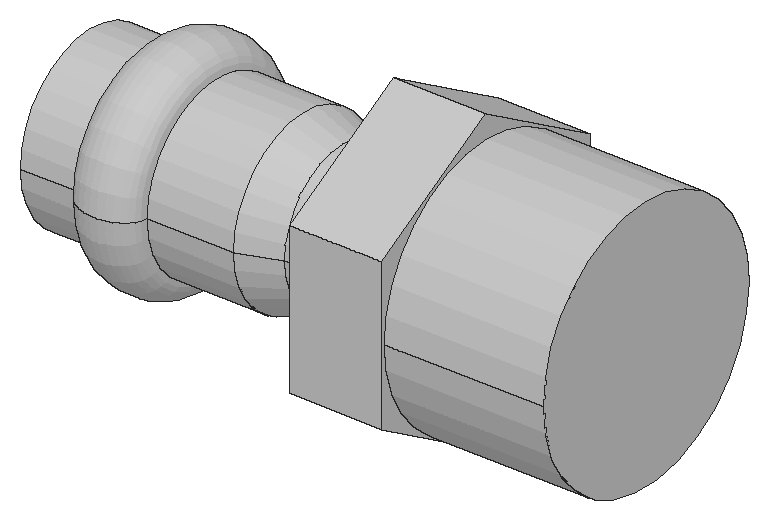
Revit family "VTi.901.I_Пресс_фитинг_Наруж резьба_Нерж_VALTEC", category Соединительные детали трубопроводов, Revit 2023
Family settings
  Размер круглого соединителя = Использовать диаметр
  Тип детали = Соединение
  На основе рабочей плоскости = Нет
  Всегда вертикально = Да
  При загрузке вырезать с полостями = Нет
  Общий = Нет
Parameters
  Отметка по умолчанию = 0.00 mm
  Видимость гайки 8 сторон [instance] = d_гайки > 50.00 mm  # no
  Видимость гайки 6 сторон [instance] = d_гайки < 50.00 mm  # yes
  l7 [instance] = size_lookup(LT, "l7", 11.00 mm, dn1, dn2)  # 16.50 mm
  l6 [instance] = size_lookup(LT, "l6", 11.00 mm, dn1, dn2)  # 9.50 mm
  l5 [instance] = size_lookup(LT, "l5", 11.00 mm, dn1, dn2)  # 5.29 mm
  l4 [instance] = size_lookup(LT, "l4", 11.00 mm, dn1, dn2)  # 4.00 mm
  l3 [instance] = size_lookup(LT, "l3", 11.00 mm, dn1, dn2)  # 9.00 mm
  l2 [instance] = size_lookup(LT, "l2", 11.00 mm, dn1, dn2)  # 7.00 mm
  l1 [instance] = size_lookup(LT, "l1", 11.00 mm, dn1, dn2)  # 6.00 mm
  h_выступа [instance] = size_lookup(LT, "h_выступа", 11.00 mm, dn1, dn2)  # 2.50 mm
  dn2 [instance] = 22 mm
  dn1 [instance] = 15 mm
  d_гайки [instance] = size_lookup(LT, "d_гайки", 11.00 mm, dn1, dn2)  # 31.00 mm
  d3 [instance] = size_lookup(LT, "d3", 11 mm, dn1, dn2)  # 26.4 mm
  d2 [instance] = size_lookup(LT, "d2", 11 mm, dn1, dn2)  # 15 mm
  d1 [instance] = size_lookup(LT, "d1", 11 mm, dn1, dn2)  # 18 mm
  LT = "VTi.901.I_Пресс_фитинг_Наруж резьба_Нерж_VALTEC"  # constant formula
  ADSK_Примечание [instance] = ""
  ADSK_Позиция [instance] = ""
  ADSK_Обозначение [instance] = ADSK_Марка  # "VTi.901.I.001505"
  ADSK_Наименование [instance] = size_lookup(LT, "", "Типоразмер не найден", dn1, dn2)  # "Пресс-фитинг из нержавеющей стали с наружной резьбой 15мм х 3/4\""
  ADSK_Материал = Сталь, нержавеющая - VALTEC
  ADSK_Масса [instance] = size_lookup(LT, "ADSK_Масса", 0, dn1, dn2)  # 0.07
  ADSK_Марка [instance] = size_lookup(LT, "ADSK_Марка", "Типоразмер не найден", dn1, dn2)  # "VTi.901.I.001505"
  ADSK_Количество = 1  # constant formula
  ADSK_Код изделия [instance] = "VTi.901.I"  # constant formula
  ADSK_Завод-изготовитель [instance] = "VALTEC"  # constant formula
  ADSK_Единица измерения = "шт."  # constant formula
Reference planes
  plane 1 "По центру (Вперед/Назад)": y = 0
  plane 2: z = 0
  plane 3 "По центру (Влево/Вправо)": x = 0
  plane 4: x = -4
  plane 5: x = -13
  plane 6: x = -20
  plane 7: x = -26
  plane 8: x = 5.29
  plane 9: x = 14.79
  plane 10: x = 31.29
  plane 11: y = 9
  plane 12: y = -9
Forms (mm)
  Revolve 1, solid, material "Сталь, нержавеющая - VALTEC" <- "ADSK_Материал"
    sketch origin (0, 0, 0) x (1, 0, 0) y (0, 1, 0)
      loop
        line (-26, 0) -> (-4, 0) -> (-4, 9) -> (-13, 9)
        spline (-13, 9) -> (-13.119, 9.647) -> (-13.469, 10.25) -> (-14.025, 10.768) -> (-14.75, 11.165) -> (-15.594, 11.415) -> (-16.5, 11.5) -> (-17.406, 11.415) -> (-18.25, 11.165) -> (-18.975, 10.768) -> (-19.531, 10.25) -> (-19.881, 9.647) -> (-20, 9)
        line (-20, 9) -> (-26, 9) -> (-26, 0)
      axis (-4, 0) -> (-26, 0)
    angle from 0 to 360
  SweptBlend 2, solid, material "Сталь, нержавеющая - VALTEC" <- "ADSK_Материал"
    path in 3D
      loop
        line (-4, 0, 0) -> (0, 0, 0)
    profile origin (-4, 0, 0) x (0, 1, 0) y (0, 0, 1)
      loop
        circle (0, 0) r 9
    end profile origin (0, 0, 0) x (0, 1, 0) y (0, 0, 1)
      loop
        circle (0, 0) r 7.5
  Sweep 3, solid, material "Сталь, нержавеющая - VALTEC" <- "ADSK_Материал"
    path in 3D
      loop
        line (0, 0, 0) -> (5.29, 0, 0)
    profile origin (2.645, 0, 0) x (0, 1, 0) y (0, 0, 1)
      loop
        circle (0, 0) r 7.5
  Sweep 4, solid, material "Сталь, нержавеющая - VALTEC" <- "ADSK_Материал"
    path in 3D
      loop
        line (14.79, 0, 0) -> (31.29, 0, 0)
    profile origin (23.04, 0, 0) x (0, 1, 0) y (0, 0, 1)
      loop
        circle (0, 0) r 13.2
Cuts and joins
  joined: Revolve 1, SweptBlend 2, Sweep 3, Sweep 4
Lines and regions (mm)
  model lines
    curve 1: line (-4, 0, 0) -> (-26, 0, 0)
    curve 2: line (-4, 0, 0) -> (0, 0, 0)
    curve 3: line (0, 0, 0) -> (5.29, 0, 0)
    curve 4: line (14.79, 0, 0) -> (31.29, 0, 0)
  sketch lines
    curve 5: line (-4, 0, 0) -> (0, 0, 0)
    curve 6: line (0, 0, 0) -> (5.29, 0, 0)
    curve 7: line (14.79, 0, 0) -> (31.29, 0, 0)
Dimensions and locks
  "l7": plane 9 to plane 10
  "l6": plane 8 to plane 9
  "l5": plane 3 "По центру (Влево/Вправо)" to plane 8
  "l4": plane 4 to plane 3 "По центру (Влево/Вправо)"
  "l3": plane 5 to plane 4
  "l2": plane 6 to plane 5
  "l1": plane 7 to plane 6
  equal spacing: plane 12, plane 1 "По центру (Вперед/Назад)", plane 11
  "d1": plane 12 to plane 11
  "h_выступа": Revolve 1 sketch curve to Revolve 1 sketch curve
  nested 1 to nested 1 = 31.00 mm
  "d1": diameter of SweptBlend 2 sketch curve
  "d2": diameter of SweptBlend 2 sketch curve
  "d2": diameter of Sweep 3 sketch curve
  "d3": diameter of Sweep 4 sketch curve
  aligned and locked: level to plane 2
  aligned and locked: plane 7 to curve 1
  aligned and locked: plane 4 to curve 1
  aligned and locked: plane 1 "По центру (Вперед/Назад)" to curve 2
  aligned and locked: plane 3 "По центру (Влево/Вправо)" to curve 3
  aligned and locked: plane 8 to curve 3
  aligned and locked: plane 1 "По центру (Вперед/Назад)" to curve 3
  aligned and locked: plane 10 to curve 4
  aligned and locked: plane 9 to curve 4
  aligned and locked: plane 1 "По центру (Вперед/Назад)" to curve 4
  aligned and locked: Revolve 1 sketch curve to curve 1
  aligned and locked: Revolve 1 sketch curve to plane 1 "По центру (Вперед/Назад)"
  aligned and locked: plane 7 to Revolve 1 sketch curve
  aligned and locked: Revolve 1 sketch curve to plane 4
  aligned and locked: plane 11 to Revolve 1 sketch curve  (x2)
  aligned and locked: plane 6 to Revolve 1 sketch curve
  aligned and locked: plane 5 to Revolve 1 sketch curve
  aligned and locked: nested 1 to plane 8
  aligned and locked: plane 1 "По центру (Вперед/Назад)" to nested 1
  aligned and locked: plane 8 to nested 2
  aligned and locked: plane 1 "По центру (Вперед/Назад)" to nested 2
Automatic sketch dimensions
  Revolve 1 sketch curve to plane 7 = 0.00 mm
  Revolve 1 sketch curve to plane 4 = 0.00 mm
  SweptBlend 2 sketch curve to profile plane = 0.00 mm  (x4)
  Sweep 3 sketch curve to profile plane = 0.00 mm  (x2)
  Sweep 4 sketch curve to profile plane = 0.00 mm  (x2)
Nested families
  nested 1: "Гайка_6 сторон" at (5.29, 0, 0) x (0, -1, 0) z (0, 0, 1), L <- "l6", d <- "d_гайки", visible <- "Видимость гайки 6 сторон", ADSK_Материал <- "ADSK_Материал", type "Гайка_6 сторон"
    with m 26.847 mm, d 31.00 mm, L 9.50 mm, ADSK_Материал Сталь, нержавеющая - VALTEC
  nested 2: "Гайка_8 сторон" at (5.29, 0, 0), L <- "l6", d <- "d_гайки", visible <- "Видимость гайки 8 сторон", ADSK_Материал <- "ADSK_Материал", type "Гайка_8 сторон"
    with m 28.651 mm, d 31.00 mm, L 9.50 mm, ADSK_Материал Сталь, нержавеющая - VALTEC
Connectors
  piping at (-26, 0, 0), diameter 15, driven by "dn1"
    settings: on cut or joined group of Revolve 1, SweptBlend 2, Sweep 3, Sweep 4, index 1, connector inside diameter 609.6 mm, connector length 0.00 mm, flow factor 0, pipe flow 0.0 L/s, pressure drop 0.0 Pa, fitting loss kfactor 0, connector angle 0.00°, fixture units 0, engagement length 0.00 mm, angle of deflection 0.00°, flow configuration 0, flow direction 0, fitting loss method 0, system type 28, joint type 0, gender type 0, connector reference index -1, connector utility 0, adjustable connector no, is connector primary yes, connector description ""
  piping at (31.29, 0, 0), diameter 22, driven by "dn2"
    settings: on cut or joined group of Revolve 1, SweptBlend 2, Sweep 3, Sweep 4, index 2, connector inside diameter 609.6 mm, connector length 0.00 mm, flow factor 0, pipe flow 0.0 L/s, pressure drop 0.0 Pa, fitting loss kfactor 0, connector angle 0.00°, fixture units 0, engagement length 0.00 mm, angle of deflection 0.00°, flow configuration 0, flow direction 0, fitting loss method 0, system type 28, joint type 0, gender type 0, connector reference index -1, connector utility 0, adjustable connector no, is connector primary no, connector description ""
Definition of nested family "Гайка_6 сторон"
  Parameters (values of type "Гайка_6 сторон")
    Default Elevation = 0.00 mm
    m [instance] = (d / 2) / (2 * tan(180.00° / 6)) * 2  # 12.99 mm
    d [instance] = 15.00 mm
    L [instance] = 15.008 mm
    ADSK_Материал [instance] = none
  Reference planes
    plane 1 "По центру (Вперед/Назад)": y = 0
    plane 2: z = 0
    plane 3 "По центру (Влево/Вправо)": x = 0
    plane 4: x = -6.495
    plane 5: x = 6.495
    plane 6: z = 7.5
    plane 7: z = -7.5
    plane 8: through (-4.434, -1524, 2.56) normal (0.5, 0, 0.866)
    plane 9: through (4.434, -1524, 2.56) normal (0.5, 0, -0.866)
    plane 10: through (-1.187, -1524, 8.185) normal (0.5, 0, 0.866)
    plane 11: through (-7.682, -1524, -3.065) normal (0.5, 0, 0.866)
    plane 12: through (1.187, -1524, 8.185) normal (0.5, 0, -0.866)
    plane 13: through (7.682, -1524, -3.065) normal (0.5, 0, -0.866)
    plane 14: y = 15.008
  Forms (mm)
    Extrusion 1, solid, material <- "ADSK_Материал"
      sketch origin (0, 0, 0) x (1, 0, 0) y (0, 0, 1)
        loop
          line (0, 7.5) -> (-6.495, 3.75) -> (-6.495, -3.75) -> (0, -7.5) -> (6.495, -3.75) -> (6.495, 3.75) -> (0, 7.5)
      from -15.008 to 0
  Dimensions and locks
    equal spacing: plane 5, plane 3 "По центру (Влево/Вправо)", plane 4
    "m": plane 5 to plane 4
    equal spacing: plane 6, plane 2, plane 7
    "d": plane 6 to plane 7
    equal spacing: plane 12, plane 9, plane 13
    "m": plane 12 to plane 13
    equal spacing: plane 10, plane 8, plane 11
    "m": plane 10 to plane 11
    "L": plane 1 "По центру (Вперед/Назад)" to plane 14
    aligned and locked: level to plane 2
    aligned and locked: Extrusion 1 sketch curve to plane 4
    aligned and locked: plane 12 to Extrusion 1 sketch curve
    aligned and locked: plane 10 to Extrusion 1 sketch curve
    aligned and locked: Extrusion 1 sketch curve to plane 5
    aligned and locked: Extrusion 1 sketch curve to plane 13
    aligned and locked: Extrusion 1 sketch curve to plane 11
    aligned and locked: plane 1 "По центру (Вперед/Назад)" to Extrusion 1
    aligned and locked: plane 14 to Extrusion 1
Definition of nested family "Гайка_8 сторон"
  Parameters (values of type "Гайка_8 сторон")
    Default Elevation = 0.00 mm
    m [instance] = (d / 2) / (2 * tan(180.00° / 6.3351)) * 2  # 60.075 mm
    d [instance] = 65.00 mm
    L [instance] = 40.346 mm
    ADSK_Материал [instance] = none
  Reference planes
    plane 1 "По центру (Вперед/Назад)": y = 0
    plane 2: z = 0
    plane 3 "По центру (Влево/Вправо)": x = 0
    plane 4: through (0, 0, 0) normal (0, 0.7071, -0.7071)
    plane 5: through (0, 0, 0) normal (0, 0.7071, 0.7071)
    plane 6: through (0, 0, 0) normal (0, 0.9239, -0.3827)
    plane 7: through (0, 0, 0) normal (0, 0.9239, 0.3827)
    plane 8: through (0, 29.684, -6.827) normal (0, 0.9239, -0.3827)
    plane 9: through (0, -25.818, 16.162) normal (0, 0.9239, -0.3827)
    plane 10: through (0, 0, 0) normal (0, 0.3827, 0.9239)
    plane 11: through (0, 0, 0) normal (0, -0.3827, 0.9239)
    plane 12: through (0, 34.476, 18.232) normal (0, 0.3827, 0.9239)
    plane 13: through (0, 11.486, -37.27) normal (0, 0.3827, 0.9239)
    plane 14: through (0, -34.476, 18.232) normal (0, 0.3827, -0.9239)
    plane 15: through (0, -11.486, -37.27) normal (0, 0.3827, -0.9239)
    plane 16: through (0, -37.27, 11.486) normal (0, -0.9239, -0.3827)
    plane 17: through (0, 18.232, 34.476) normal (0, -0.9239, -0.3827)
    plane 18: x = 40.346
  Forms (mm)
    Extrusion 1, solid, material <- "ADSK_Материал"
      sketch origin (0, 0, 0) x (0, 1, 0) y (0, 0, 1)
        loop
          line (0, 32.512) -> (-22.99, 22.99) -> (-32.512, 0) -> (-22.99, -22.99) -> (0, -32.512) -> (22.99, -22.99) -> (32.512, 0) -> (22.99, 22.99) -> (0, 32.512)
      from 0 to 40.346
  Dimensions and locks
    equal spacing: plane 8, plane 6, plane 9
    "m": plane 8 to plane 9
    equal spacing: plane 12, plane 10, plane 13
    "m": plane 12 to plane 13
    equal spacing: plane 15, plane 11, plane 14
    "m": plane 15 to plane 14
    equal spacing: plane 16, plane 7, plane 17
    "m": plane 16 to plane 17
    "L": plane 3 "По центру (Влево/Вправо)" to plane 18
    angle plane 14 to plane 7 = 90.00°
    aligned and locked: level to plane 2
    aligned and locked: Extrusion 1 sketch curve to plane 12
    aligned and locked: plane 17 to Extrusion 1 sketch curve
    aligned and locked: Extrusion 1 sketch curve to plane 8
    aligned and locked: plane 15 to Extrusion 1 sketch curve
    aligned and locked: Extrusion 1 sketch curve to plane 13
    aligned and locked: Extrusion 1 sketch curve to plane 16
    aligned and locked: Extrusion 1 sketch curve to plane 9
    aligned and locked: plane 14 to Extrusion 1 sketch curve
    aligned and locked: plane 18 to Extrusion 1
Types in the file's own list only (7): name | Отметка по умолчанию
  Пресс-фитинг из нержавеющей стали с наружной резьбой 12 мм х 1/2,12.00,15.00,14.50,13.38,20.90,5.00,8.00,8.50,0.60,5.00,5.90,15.00,2.40,24.23,0.05,VTi.901.I.001204\u000d\u000aПресс-фитинг из нержавеющей стали с наружной резьбой 15 мм х 1/2 | 0.00 мм
  Пресс-фитинг из нержавеющей стали с наружной резьбой 15мм х 3/4,15.00,22.00,18.00,15.00,26.40,6.00,7.00,9.00,4.00,5.29,9.50,16.50,2.50,31.00,0.07,VTi.901.I.001505\u000d\u000aПресс-фитинг из нержавеющей стали с наружной резьбой 18 мм х 1/2 | 0.00 мм
  Пресс-фитинг из нержавеющей стали с наружной резьбой 18 мм х 3/4,18.00,22.00,21.00,18.00,26.40,6.75,6.49,9.45,4.30,5.00,9.50,16.50,2.50,31.00,0.07,VTi.901.I.001805\u000d\u000aПресс-фитинг из нержавеющей стали с наружной резьбой 22 мм х 1/2 | 0.00 мм
  Пресс-фитинг из нержавеющей стали с наружной резьбой 22 мм х 3/4,22.00,22.00,25.20,22.00,26.40,6.00,8.00,9.50,4.50,5.15,6.85,16.50,3.00,33.00,0.08,VTi.901.I.002205\u000d\u000aПресс-фитинг из нержавеющей стали с наружной резьбой 22 мм х 1 | 0.00 мм
  Пресс-фитинг из нержавеющей стали с наружной резьбой 28 мм х 1,28.00,28.00,31.50,28.00,32.25,6.50,8.00,10.34,5.00,5.00,9.96,21.00,2.80,34.00,0.13,VTi.901.I.002806\u000d\u000aПресс-фитинг из нержавеющей стали с наружной резьбой 28 мм х 3/4 | 0.00 мм
  Пресс-фитинг из нержавеющей стали с наружной резьбой 35 мм х 1,35.00,28.00,38.30,35.00,33.25,6.50,8.97,12.39,4.50,6.18,9.46,21.00,2.95,36.00,0.15,VTi.901.I.003506\u000d\u000aПресс-фитинг из нержавеющей стали с наружной резьбой 35 мм х 1 1/4 | 0.00 мм
  Пресс-фитинг из нержавеющей стали с наружной резьбой 42 мм х 1 1/2,42.00,42.00,45.50,42.00,47.80,10.51,8.92,17.57,4.81,5.50,12.50,22.00,2.95,51.50,0.06,VTi.901.I.004208\u000d\u000aПресс-фитинг из нержавеющей стали с наружной резьбой 54мм х 2 | 0.00 мм
